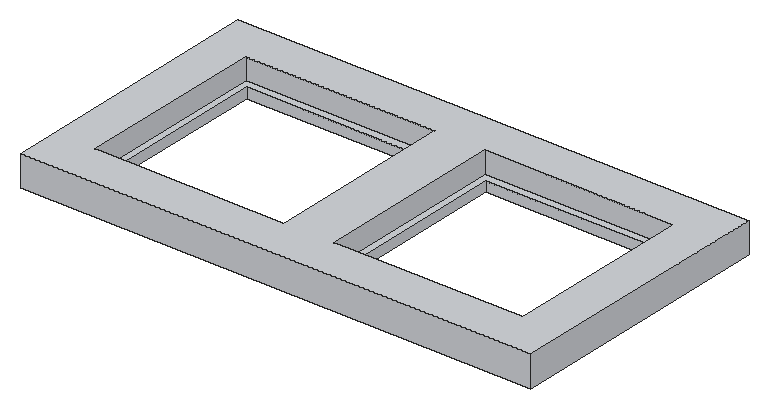
Revit family "Gira_021233", category Electrical Fixtures, host Face, Revit 2017
Family settings
  Host = Face
  Maintain Annotation Orientation = No
  Round Connector Dimension = Use Diameter
  Part Type = Normal
  Cut with Voids When Loaded = No
  Shared = No
  Room Calculation Point = No
Parameters (values of type "Abdeckrahmen 2f Gira E2 Edelstahl")
  Werkstoffgüte = "edelstahl"
  Werkstoff = "Metall"
  URL = "http://katalog.gira.de/de_DE/datenblatt.html?artikelnr=021233"
  Transparent = "No"
  Textfeld/Beschriftungsfläche = "No"
  Schutzart (IP) = "IP20"
  Region = "DE"
  Oberfläche = "sonstige"
  Name = "Abdeckrahmen 2f Gira E2 Edelstahl"
  Montagerichtung = "horizontal und vertikal"
  Mit Montagerahmen = "No"
  Mit Klappdeckel = "No"
  Manufacturer URL = "https://www.gira.de/"
  Keynote = "E2_Rahmen_2fach"
  HeinzeBIM = "https://bimportal.heinze.de/bim/abdeckrahmen-2f-gira-e2-edelstahl/f054c548d74bee6bb2a8a980224978280801ec39"
  Halogenfrei = "No"
  HAN = "021233"
  Geeignet für Unterputz-Installation = "Yes"
  Geeignet für Unterflurkanaldose = "No"
  Geeignet für Geräteeinbaukanal = "No"
  Geeignet für Einbauinstallation = "No"
  GTIN = "4010337019800"
  Farbe = "edelstahl"
  Default Elevation = 1219.2 mm
  Data sheet (1) = "https://katalog.gira.de/de_DE/download.html?artikelnr=021233"
  Category = "Abdeckrahmen"
  Befestigungsart = "Klemmbefestigung"
  Available = "Yes"
  Anzahl der Einheiten vertikal = "2 "
  Anzahl der Einheiten horizontal = "2 "
  Anzahl der Einheiten = "2 "
Reference planes
  plane 1 "Center (Front/Back)": y = 0
  plane 2: z = 0
  plane 3 "Center (Left/Right)": x = 0
Forms (mm)
  Extrusion 1, solid, detail levels fine
    sketch origin (0, 0, 0) x (1, 0, 0) y (0, 1, 0)
      loop
        line (75.95, 40.4) -> (-75.95, 40.4) -> (-75.95, -40.4) -> (75.95, -40.4) -> (75.95, 40.4)
      loop
        line (-63.702, 28.152) -> (-63.702, -28.152) -> (-7.398, -28.152) -> (-7.398, 28.152) -> (-63.702, 28.152)
      loop
        line (7.398, 28.152) -> (7.398, -28.152) -> (63.702, -28.152) -> (63.702, 28.152) -> (7.398, 28.152)
    from 0 to 9.3
  Extrusion 2, solid, detail levels fine
    sketch origin (-35.55, 0, 0) x (1, 0, 0) y (0, 1, 0)
      loop
        line (-28.152, -28.152) -> (28.152, -28.152) -> (28.152, 28.152) -> (-28.152, 28.152) -> (-28.152, -28.152)
      loop
        line (25.9, -25.7) -> (25.9, 25.7) -> (-25.9, 25.7) -> (-25.9, -25.7) -> (25.9, -25.7)
    from 0 to 3
  Extrusion 3, solid, detail levels coarse+medium
    sketch origin (0, 0, 0) x (1, 0, 0) y (0, 1, 0)
      loop
        line (75.95, 40.4) -> (-75.95, 40.4) -> (-75.95, -40.4) -> (75.95, -40.4) -> (75.95, 40.4)
    from 0 to 9.3
  Extrusion 4, solid, detail levels fine
    sketch origin (35.55, -0.047, 0) x (1, 0, 0) y (0, 1, 0)
      loop
        line (-28.152, -28.106) -> (28.152, -28.106) -> (28.152, 28.199) -> (-28.152, 28.199) -> (-28.152, -28.106)
      loop
        line (25.9, -25.653) -> (25.9, 25.747) -> (-25.9, 25.747) -> (-25.9, -25.653) -> (25.9, -25.653)
    from 0 to 3
Dimensions and locks
  aligned and locked: plane 2 to host face
  aligned and locked: level to host face
